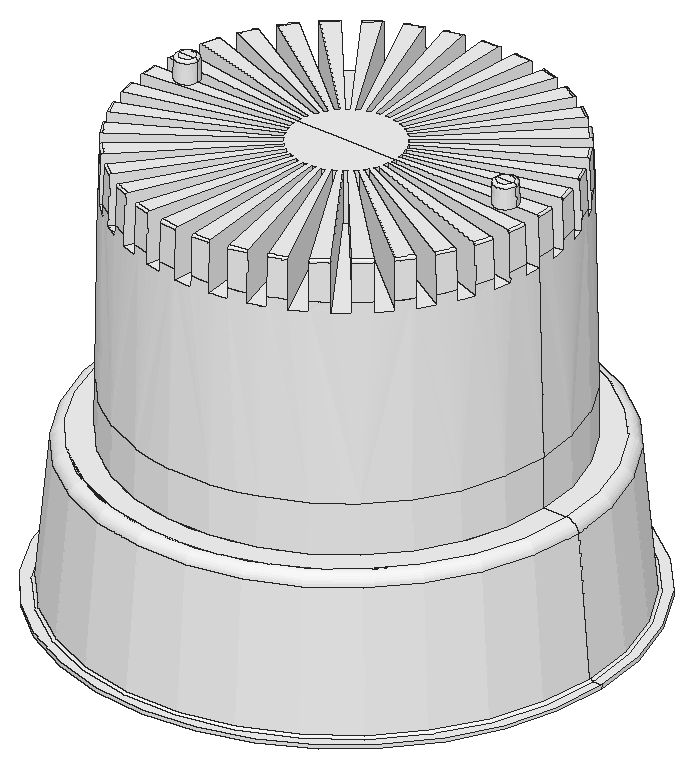
Revit family "RA 11 TL DIXIT LED", category Lighting Fixtures, host Ceiling, Revit 2019
Family settings
  Host = Ceiling
  Round Connector Dimension = Use Diameter
  Part Type = Normal
  OmniClass Number = 23.80.70.11
  OmniClass Title = Luminaries for Internal Lighting
  Always vertical = No
  Cut with Voids When Loaded = No
  Light Source = Yes
  Shared = No
  Room Calculation Point = No
Parameters (values of type "RA 11 TL DIXIT LED 3100lm 26W 3000K CRI85 70° Refl-WHITE-regolabile")
  Wattage = 20.8695 W
  built-in parameter 1150110 = 1 (stored number, unit not read)
  URL = "https://www.aria.lighting/prodotti/interni/incassi/ra-11-tl-dixit-led"
  Type Image = RA11TL_DIXIT_LED_TAB-Sito-Ivela.jpg
  Type Comments = "Ceiling recessed light"
  Tilt Angle = 90.00°
  Photometric Web File = "255-2 _ 256-2 _ RA 11 DIXIT LED 26W 3100 lm 3000K 70°.IES"
  built-in parameter 1150142 = "IESNA:LM-63-2002\r\n[TEST] Citizen CLL042 _ 69°/07-11-2013 / Luca\r\n[TESTLAB] ies2eulumdat.appspot.com\r\n[ISSUEDATE] 2021-07-24T14:46:30.789\r\n[MANUFAC] IVELA SpA\r\n[LUMCAT] 255-2\r\n[LUMINAIRE] RA 11 D.L.26W 3100lm 3000K 70°\r\n[LAMPCAT] LED RA11SOFT 26W3K\r\n[LAMP] LED RA11SOFT 26W3K\r\nTILT=NONE\r\n1\t2759\t1\t37\t1\t1\t2\t-0.079\t-0.079\t0.003\r\n1.0\t1.0\t26.00\r\n0\t 5\t 10\t 15\t 20\t 25\t 30\t 35\t 40\t 45\r\n50\t 55\t 60\t 65\t 70\t 75\t 80\t 85\t 90\t 95\r\n100\t 105\t 110\t 115\t 120\t 125\t 130\t 135\t 140\t 145\r\n150\t 155\t 160\t 165\t 170\t 175\t 180\r\n0\r\n2030.2412\t1999.4943\t1905.7112\t1764.5289\t1624.9245\t1492.9698\t1324.0122\t983.3907\t619.0102\t357.0076\r\n289.663\t235.4655\t185.8304\t142.0516\t103.0725\t70.2378\t42.1957\t19.0668\t1.1894\t0.5989\r\n0.7647\t1.0022\t1.3521\t1.8306\t2.4079\t3.0683\t3.809\t4.6357\t5.5032\t6.3932\r\n7.2441\t7.925\t8.3743\t8.7568\t9.2189\t9.6271\t9.8611"
  Model = "257-200BN-21"
  Manufacturer = "ARIA"
  Larghezza = 126 mm
  Lamp = "LED 3100lm 26W 3000K CRI85"
  built-in parameter 1114217 = 1 (stored number, unit not read)
  built-in parameter 1150109 = 1 (stored number, unit not read)
  Wattage Comments = "26"
  built-in parameter 1150134 = (empty or 0)
  built-in parameter 1150113 = 1 (stored number, unit not read)
  Lumens = 3100 lm
  built-in parameter 1150115 = 1 (stored number, unit not read)
  built-in parameter 1150105 = 17078.2 (stored number, unit not read)
  built-in parameter 1150137 = (empty or 0)
  built-in parameter 1150139 = (empty or 0)
  built-in parameter 1150112 = 1 (stored number, unit not read)
  built-in parameter 1150114 = 1 (stored number, unit not read)
  built-in parameter 1150132 = 2
  built-in parameter 1150102 = (empty or 0)
  built-in parameter 1150138 = (empty or 0)
  built-in parameter 1150107 = 3000 (stored number, unit not read)
  built-in parameter 1150106 = 170.78 (stored number, unit not read)
  Glass material = Glass
  built-in parameter 1150104 = 13.8 (stored number, unit not read)
  Effective Intensity (lm) = 2759
  Dimming Lamp Color Temperature Shift = <None>
  Description = "La serie di iincassi trimless RA 11 TL Dixit LED è stata progettata per soddisfare le più diverse esigenze illuminotecniche, in particolare per l’applicazione in centri commerciali, negozi e uffici.\r\nPrevedono un innovativo sistema di dissipazione termica passiva e ottiche professionali in termoplastico metallizzato a specchio, che offrono un’elevata qualità della luce e un eccellente mantenimento dell’intensità luminosa nel tempo.\r\nL’elevato rendimento luminoso di RA 11 TL Dixit LED si coniuga con contenuti valori di luminanza e bassi livelli di abbagliamento, consentendo un ottimo comfort visivo.\r\nDriver da ordinare separatamente; la potenza dell'apparecchio varia a seconda del driver scelto."
  Corrente driver (mA) = "700mA regolabile sul taglio di fase"
  Color Filter = 16777215
  Codice = "257-200BN-21"
  CRI L'indice di Resa Cromatica = "85"
  Body material = White Powder Coated Aluminium
  Beam angle (°) = "70° Refl."
  built-in parameter 1114218 = 1 (stored number, unit not read)
  built-in parameter 1150133 = 10 (stored number, unit not read)
Reference planes
  plane 1 "Light Source Axis (F/B)": y = 0
  plane 2: z = 0
  plane 3 "Light Source Axis (L/R)": x = 0
  plane 4 "Ceiling": z = 4000
  plane 5 "Light Source Elevation": z = 4000
  plane 6: x = -63
  plane 7: x = 63
  plane 8: z = 4100
Forms (mm)
  Revolve 1, solid, material "White Powder Coated Aluminium" <- "Body material"
    sketch origin (0, 0, 0) x (1, 0, 0) y (0, 0, 1)
      loop
        line (-58.988, 4000) -> (-63, 4000) -> (-63, 3999.2) -> (-58.988, 3999.2) -> (-58.988, 4000)
      axis (0, 4000) -> (0, 3999)
    angle from 0 to 360
  Extrusion 2, solid, material "Glass" <- "Glass material"
    sketch origin (0, 0, 4000) x (0, 1, 0) y (-1, 0, 0)
      loop
        circle (0, 0) r 58.988
    from 0 to -0.8
  Revolve 3, solid, material "White Powder Coated Aluminium" <- "Body material"
    sketch origin (0, 0, 0) x (1, 0, 0) y (0, 0, 1)
      loop
        line (-48.538, 4045.077) -> (-48.692, 4034) -> (-54.347, 4034)
        arc (-54.347, 4034) -> (-56.251, 4033.263) -> (-57.163, 4031.436) r 2.829
        line (-57.163, 4031.436) -> (-60.077, 4000.462)
        arc (-60.077, 4000.462) -> (-60.373, 4000.139) -> (-60.788, 4000) r 0.877
        line (-60.788, 4000) -> (-36.538, 4000) -> (-36.538, 4083.716) -> (0, 4083.716) -> (0, 4098.154) -> (-46.942, 4098.154)
        arc (-46.942, 4098.154) -> (-47.305, 4098.007) -> (-47.463, 4097.648) r 0.521
        line (-47.463, 4097.648) -> (-47.727, 4089.075) -> (-48.538, 4045.077)
      axis (0, 4098.154) -> (0, 4000)
    angle from 0 to 360
  Extrusion 4, void
    sketch origin (0, 0, 4000) x (0, 1, 0) y (1, 0, 0)
      loop
        line (5.981, 68.358) -> (1.054, 12.047)
        arc (1.054, 12.047) -> (1.578, 11.99) -> (2.1, 11.909) r 12.093
        line (2.1, 11.909) -> (11.916, 67.577)
        arc (11.916, 67.577) -> (8.957, 68.033) -> (5.981, 68.358) r 68.62
      loop
        arc (0, 68.62) -> (-2.993, 68.554) -> (-5.981, 68.358) r 68.62
        line (-5.981, 68.358) -> (-1.054, 12.047)
        arc (-1.054, 12.047) -> (-0.527, 12.082) -> (0, 12.093) r 12.093
        line (0, 12.093) -> (0, 68.62)
      loop
        line (-2.1, 11.909) -> (-11.916, 67.577)
        arc (-11.916, 67.577) -> (-14.852, 66.993) -> (-17.76, 66.281) r 68.62
        line (-17.76, 66.281) -> (-3.13, 11.681)
        arc (-3.13, 11.681) -> (-2.617, 11.806) -> (-2.1, 11.909) r 12.093
      loop
        line (-4.136, 11.364) -> (-23.469, 64.481)
        arc (-23.469, 64.481) -> (-26.26, 63.396) -> (-29, 62.19) r 68.62
        line (-29, 62.19) -> (-5.111, 10.96)
        arc (-5.111, 10.96) -> (-4.628, 11.172) -> (-4.136, 11.364) r 12.093
      loop
        line (-6.047, 10.473) -> (-34.31, 59.426)
        arc (-34.31, 59.426) -> (-36.869, 57.873) -> (-39.359, 56.21) r 68.62
        line (-39.359, 56.21) -> (-6.936, 9.906)
        arc (-6.936, 9.906) -> (-6.498, 10.199) -> (-6.047, 10.473) r 12.093
      loop
        line (-7.773, 9.264) -> (-44.108, 52.566)
        arc (-44.108, 52.566) -> (-46.359, 50.592) -> (-48.521, 48.521) r 68.62
        line (-48.521, 48.521) -> (-8.551, 8.551)
        arc (-8.551, 8.551) -> (-8.17, 8.916) -> (-7.773, 9.264) r 12.093
      loop
        arc (-9.906, 6.936) -> (-9.594, 7.362) -> (-9.264, 7.773) r 12.093
        line (-9.264, 7.773) -> (-52.566, 44.108)
        arc (-52.566, 44.108) -> (-54.44, 41.773) -> (-56.21, 39.359) r 68.62
        line (-56.21, 39.359) -> (-9.906, 6.936)
      loop
        line (-11.364, 4.136) -> (-64.481, 23.469)
        arc (-64.481, 23.469) -> (-65.444, 20.634) -> (-66.281, 17.76) r 68.62
        line (-66.281, 17.76) -> (-11.681, 3.13)
        arc (-11.681, 3.13) -> (-11.533, 3.636) -> (-11.364, 4.136) r 12.093
      loop
        line (-12.093, 0) -> (-68.62, 0)
        arc (-68.62, 0) -> (-68.554, -2.993) -> (-68.358, -5.981) r 68.62
        line (-68.358, -5.981) -> (-12.047, -1.054)
        arc (-12.047, -1.054) -> (-12.082, -0.527) -> (-12.093, 0) r 12.093
      loop
        line (-11.909, 2.1) -> (-67.577, 11.916)
        arc (-67.577, 11.916) -> (-68.033, 8.957) -> (-68.358, 5.981) r 68.62
        line (-68.358, 5.981) -> (-12.047, 1.054)
        arc (-12.047, 1.054) -> (-11.99, 1.578) -> (-11.909, 2.1) r 12.093
      loop
        line (-10.473, 6.047) -> (-59.426, 34.31)
        arc (-59.426, 34.31) -> (-60.866, 31.685) -> (-62.19, 29) r 68.62
        line (-62.19, 29) -> (-10.96, 5.111)
        arc (-10.96, 5.111) -> (-10.727, 5.584) -> (-10.473, 6.047) r 12.093
      loop
        arc (-1.054, -12.047) -> (-1.578, -11.99) -> (-2.1, -11.909) r 12.093
        line (-2.1, -11.909) -> (-11.916, -67.577)
        arc (-11.916, -67.577) -> (-8.957, -68.033) -> (-5.981, -68.358) r 68.62
        line (-5.981, -68.358) -> (-1.054, -12.047)
      loop
        arc (-3.13, -11.681) -> (-3.636, -11.533) -> (-4.136, -11.364) r 12.093
        line (-4.136, -11.364) -> (-23.469, -64.481)
        arc (-23.469, -64.481) -> (-20.634, -65.444) -> (-17.76, -66.281) r 68.62
        line (-17.76, -66.281) -> (-3.13, -11.681)
      loop
        arc (-5.111, -10.96) -> (-5.584, -10.727) -> (-6.047, -10.473) r 12.093
        line (-6.047, -10.473) -> (-34.31, -59.426)
        arc (-34.31, -59.426) -> (-31.685, -60.866) -> (-29, -62.19) r 68.62
        line (-29, -62.19) -> (-5.111, -10.96)
      loop
        line (-7.773, -9.264) -> (-44.108, -52.566)
        arc (-44.108, -52.566) -> (-41.773, -54.44) -> (-39.359, -56.21) r 68.62
        line (-39.359, -56.21) -> (-6.936, -9.906)
        arc (-6.936, -9.906) -> (-7.362, -9.594) -> (-7.773, -9.264) r 12.093
      loop
        arc (-9.906, -6.936) -> (-10.199, -6.498) -> (-10.473, -6.047) r 12.093
        line (-10.473, -6.047) -> (-59.426, -34.31)
        arc (-59.426, -34.31) -> (-57.873, -36.869) -> (-56.21, -39.359) r 68.62
        line (-56.21, -39.359) -> (-9.906, -6.936)
      loop
        line (-11.364, -4.136) -> (-64.481, -23.469)
        arc (-64.481, -23.469) -> (-63.396, -26.26) -> (-62.19, -29) r 68.62
        line (-62.19, -29) -> (-10.96, -5.111)
        arc (-10.96, -5.111) -> (-11.172, -4.628) -> (-11.364, -4.136) r 12.093
      loop
        line (-11.909, -2.1) -> (-67.577, -11.916)
        arc (-67.577, -11.916) -> (-66.993, -14.852) -> (-66.281, -17.76) r 68.62
        line (-66.281, -17.76) -> (-11.681, -3.13)
        arc (-11.681, -3.13) -> (-11.806, -2.617) -> (-11.909, -2.1) r 12.093
      loop
        arc (-8.551, -8.551) -> (-8.916, -8.17) -> (-9.264, -7.773) r 12.093
        line (-9.264, -7.773) -> (-52.566, -44.108)
        arc (-52.566, -44.108) -> (-50.592, -46.359) -> (-48.521, -48.521) r 68.62
        line (-48.521, -48.521) -> (-8.551, -8.551)
      loop
        arc (3.13, 11.681) -> (3.636, 11.533) -> (4.136, 11.364) r 12.093
        line (4.136, 11.364) -> (23.469, 64.481)
        arc (23.469, 64.481) -> (20.634, 65.444) -> (17.76, 66.281) r 68.62
        line (17.76, 66.281) -> (3.13, 11.681)
      loop
        arc (5.111, 10.96) -> (5.584, 10.727) -> (6.047, 10.473) r 12.093
        line (6.047, 10.473) -> (34.31, 59.426)
        arc (34.31, 59.426) -> (31.685, 60.866) -> (29, 62.19) r 68.62
        line (29, 62.19) -> (5.111, 10.96)
      loop
        line (7.773, 9.264) -> (44.108, 52.566)
        arc (44.108, 52.566) -> (41.773, 54.44) -> (39.359, 56.21) r 68.62
        line (39.359, 56.21) -> (6.936, 9.906)
        arc (6.936, 9.906) -> (7.362, 9.594) -> (7.773, 9.264) r 12.093
      loop
        arc (9.906, 6.936) -> (10.199, 6.498) -> (10.473, 6.047) r 12.093
        line (10.473, 6.047) -> (59.426, 34.31)
        arc (59.426, 34.31) -> (57.873, 36.869) -> (56.21, 39.359) r 68.62
        line (56.21, 39.359) -> (9.906, 6.936)
      loop
        line (11.364, 4.136) -> (64.481, 23.469)
        arc (64.481, 23.469) -> (63.396, 26.26) -> (62.19, 29) r 68.62
        line (62.19, 29) -> (10.96, 5.111)
        arc (10.96, 5.111) -> (11.172, 4.628) -> (11.364, 4.136) r 12.093
      loop
        line (12.093, 0) -> (68.62, 0)
        arc (68.62, 0) -> (68.554, 2.993) -> (68.358, 5.981) r 68.62
        line (68.358, 5.981) -> (12.047, 1.054)
        arc (12.047, 1.054) -> (12.082, 0.527) -> (12.093, 0) r 12.093
      loop
        line (11.909, 2.1) -> (67.577, 11.916)
        arc (67.577, 11.916) -> (66.993, 14.852) -> (66.281, 17.76) r 68.62
        line (66.281, 17.76) -> (11.681, 3.13)
        arc (11.681, 3.13) -> (11.806, 2.617) -> (11.909, 2.1) r 12.093
      loop
        arc (8.551, 8.551) -> (8.916, 8.17) -> (9.264, 7.773) r 12.093
        line (9.264, 7.773) -> (52.566, 44.108)
        arc (52.566, 44.108) -> (50.592, 46.359) -> (48.521, 48.521) r 68.62
        line (48.521, 48.521) -> (8.551, 8.551)
      loop
        arc (1.054, -12.047) -> (0.527, -12.082) -> (0, -12.093) r 12.093
        line (0, -12.093) -> (0, -68.62)
        arc (0, -68.62) -> (2.993, -68.554) -> (5.981, -68.358) r 68.62
        line (5.981, -68.358) -> (1.054, -12.047)
      loop
        line (2.1, -11.909) -> (11.916, -67.577)
        arc (11.916, -67.577) -> (14.852, -66.993) -> (17.76, -66.281) r 68.62
        line (17.76, -66.281) -> (3.13, -11.681)
        arc (3.13, -11.681) -> (2.617, -11.806) -> (2.1, -11.909) r 12.093
      loop
        line (4.136, -11.364) -> (23.469, -64.481)
        arc (23.469, -64.481) -> (26.26, -63.396) -> (29, -62.19) r 68.62
        line (29, -62.19) -> (5.111, -10.96)
        arc (5.111, -10.96) -> (4.628, -11.172) -> (4.136, -11.364) r 12.093
      loop
        line (6.047, -10.473) -> (34.31, -59.426)
        arc (34.31, -59.426) -> (36.869, -57.873) -> (39.359, -56.21) r 68.62
        line (39.359, -56.21) -> (6.936, -9.906)
        arc (6.936, -9.906) -> (6.498, -10.199) -> (6.047, -10.473) r 12.093
      loop
        line (7.773, -9.264) -> (44.108, -52.566)
        arc (44.108, -52.566) -> (46.359, -50.592) -> (48.521, -48.521) r 68.62
        line (48.521, -48.521) -> (8.551, -8.551)
        arc (8.551, -8.551) -> (8.17, -8.916) -> (7.773, -9.264) r 12.093
      loop
        arc (9.906, -6.936) -> (9.594, -7.362) -> (9.264, -7.773) r 12.093
        line (9.264, -7.773) -> (52.566, -44.108)
        arc (52.566, -44.108) -> (54.44, -41.773) -> (56.21, -39.359) r 68.62
        line (56.21, -39.359) -> (9.906, -6.936)
      loop
        line (11.364, -4.136) -> (64.481, -23.469)
        arc (64.481, -23.469) -> (65.444, -20.634) -> (66.281, -17.76) r 68.62
        line (66.281, -17.76) -> (11.681, -3.13)
        arc (11.681, -3.13) -> (11.533, -3.636) -> (11.364, -4.136) r 12.093
      loop
        line (11.909, -2.1) -> (67.577, -11.916)
        arc (67.577, -11.916) -> (68.033, -8.957) -> (68.358, -5.981) r 68.62
        line (68.358, -5.981) -> (12.047, -1.054)
        arc (12.047, -1.054) -> (11.99, -1.578) -> (11.909, -2.1) r 12.093
      loop
        line (10.473, -6.047) -> (59.426, -34.31)
        arc (59.426, -34.31) -> (60.866, -31.685) -> (62.19, -29) r 68.62
        line (62.19, -29) -> (10.96, -5.111)
        arc (10.96, -5.111) -> (10.727, -5.584) -> (10.473, -6.047) r 12.093
    from -127.25 to -86.769
  Revolve 5, solid, material "White Powder Coated Aluminium" <- "Body material"
    sketch origin (-20.473, 0, 30.393) x (1, 0, 0) y (0, 0, 1)
      loop
        arc (-20.657, 4072.834) -> (-21.106, 4072.652) -> (-21.303, 4072.208) r 0.646
        line (-21.303, 4072.208) -> (-21.446, 4067.761) -> (-18.76, 4067.761) -> (-18.76, 4072.834) -> (-20.657, 4072.834)
      axis (-18.76, 4072.834) -> (-18.76, 4067.761)
    angle from 0 to 360
  Revolve 6, solid, material "White Powder Coated Aluminium" <- "Body material"
    sketch origin (57.982, 0, 30.393) x (1, 0, 0) y (0, 0, 1)
      loop
        arc (-20.67, 4072.836) -> (-21.12, 4072.654) -> (-21.316, 4072.21) r 0.646
        line (-21.316, 4072.21) -> (-21.46, 4067.761) -> (-18.76, 4067.761) -> (-18.76, 4072.836) -> (-20.67, 4072.836)
      axis (-18.76, 4072.836) -> (-18.76, 4067.761)
    angle from 0 to 360
Cuts and joins
  Extrusion 4 cuts Revolve 1
  Extrusion 4 cuts Extrusion 2
  Extrusion 4 cuts Revolve 3
Lines and regions (mm)
  Opening 1
    outline origin (0, 0, 4000) x (1, 0, 0) y (0, 1, 0)
      loop
        circle (0, 0) r 61
Dimensions and locks
  equal spacing: host sketch curve, plane 3 "Light Source Axis (L/R)", host sketch curve
  equal spacing: host sketch curve, plane 1 "Light Source Axis (F/B)", host sketch curve
  host sketch curve to host sketch curve = 4000 mm  (x2)
  plane 4 "Ceiling" to host ceiling = 0 mm
  equal spacing: plane 7, plane 3 "Light Source Axis (L/R)", plane 6
  "Larghezza": plane 7 to plane 6
  imposter light to plane 8 = 100 mm
  aligned and locked: plane 3 "Light Source Axis (L/R)" to imposter light
  aligned and locked: plane 1 "Light Source Axis (F/B)" to imposter light
  aligned and locked: plane 5 "Light Source Elevation" to imposter light
  aligned and locked: plane 5 "Light Source Elevation" to plane 4 "Ceiling"
  aligned and locked: Revolve 1 sketch curve to plane 6
Automatic sketch dimensions
  Opening 1 sketch curve to plane 3 "Light Source Axis (L/R)" = 0 mm
  Opening 1 sketch curve to plane 3 "Light Source Axis (L/R)" = 61 mm
  plane 1 "Light Source Axis (F/B)" to Opening 1 sketch curve = 0 mm
  Revolve 1 sketch curve to plane 4 "Ceiling" = 0 mm
  Revolve 1 sketch curve to plane 3 "Light Source Axis (L/R)" = 0 mm
  plane 4 "Ceiling" to Revolve 1 sketch curve = 0.8 mm
  Revolve 1 sketch curve to Revolve 1 sketch curve = 4.012 mm
  Revolve 1 sketch curve to level = 377.986 mm
  plane 8 to Revolve 1 sketch curve = 429.527 mm
  Extrusion 4 sketch curve to Extrusion 4 sketch curve = 0 mm  (x5112)
  Extrusion 4 sketch curve to plane 3 "Light Source Axis (L/R)" = 0 mm
  plane 1 "Light Source Axis (F/B)" to Extrusion 4 sketch curve = 0 mm
  plane 1 "Light Source Axis (F/B)" to Extrusion 4 sketch curve = 1.054 mm  (x2)
  Extrusion 4 sketch curve to Extrusion 4 sketch curve = 1.046 mm  (x4)
  Extrusion 4 sketch curve to Extrusion 4 sketch curve = 1.03 mm  (x4)
  Extrusion 4 sketch curve to Extrusion 4 sketch curve = 1.006 mm  (x4)
  Extrusion 4 sketch curve to Extrusion 4 sketch curve = 0.975 mm  (x4)
  plane 1 "Light Source Axis (F/B)" to Extrusion 4 sketch curve = 5.981 mm  (x2)
  Extrusion 4 sketch curve to Extrusion 4 sketch curve = 0.936 mm  (x4)
  Extrusion 4 sketch curve to Extrusion 4 sketch curve = 0.89 mm  (x5)
  Extrusion 4 sketch curve to Extrusion 4 sketch curve = 0.837 mm  (x5)
  Extrusion 4 sketch curve to Extrusion 4 sketch curve = 0.778 mm  (x6)
  Extrusion 4 sketch curve to Extrusion 4 sketch curve = 0.713 mm  (x6)
  Extrusion 4 sketch curve to Extrusion 4 sketch curve = 0.642 mm  (x6)
  Extrusion 4 sketch curve to Extrusion 4 sketch curve = 0.567 mm  (x6)
  Extrusion 4 sketch curve to plane 3 "Light Source Axis (L/R)" = 6.047 mm
  plane 3 "Light Source Axis (L/R)" to Extrusion 4 sketch curve = 5.111 mm  (x2)
  Extrusion 4 sketch curve to Extrusion 4 sketch curve = 0.487 mm  (x6)
  Extrusion 4 sketch curve to plane 3 "Light Source Axis (L/R)" = 5.111 mm  (x2)
  Extrusion 4 sketch curve to plane 3 "Light Source Axis (L/R)" = 4.136 mm  (x2)
  plane 3 "Light Source Axis (L/R)" to Extrusion 4 sketch curve = 4.136 mm  (x2)
  Extrusion 4 sketch curve to Extrusion 4 sketch curve = 0.404 mm  (x4)
  plane 3 "Light Source Axis (L/R)" to Extrusion 4 sketch curve = 3.13 mm  (x2)
  Extrusion 4 sketch curve to plane 3 "Light Source Axis (L/R)" = 3.13 mm  (x2)
  Extrusion 4 sketch curve to Extrusion 4 sketch curve = 0.317 mm  (x4)
  Extrusion 4 sketch curve to plane 3 "Light Source Axis (L/R)" = 2.1 mm  (x2)
  plane 3 "Light Source Axis (L/R)" to Extrusion 4 sketch curve = 2.1 mm  (x2)
  Extrusion 4 sketch curve to Extrusion 4 sketch curve = 0.228 mm  (x4)
  plane 7 to Extrusion 4 sketch curve = 4.577 mm  (x2)
  Extrusion 4 sketch curve to Extrusion 4 sketch curve = 5.935 mm  (x4)
  Extrusion 4 sketch curve to plane 6 = 4.577 mm  (x2)
  Extrusion 4 sketch curve to plane 3 "Light Source Axis (L/R)" = 1.054 mm  (x2)
  Extrusion 4 sketch curve to Extrusion 4 sketch curve = 0.138 mm  (x4)
  plane 3 "Light Source Axis (L/R)" to Extrusion 4 sketch curve = 1.054 mm  (x2)
  plane 7 to Extrusion 4 sketch curve = 3.281 mm  (x2)
  Extrusion 4 sketch curve to plane 6 = 3.281 mm  (x2)
  Extrusion 4 sketch curve to Extrusion 4 sketch curve = 5.844 mm  (x2)
  Extrusion 4 sketch curve to plane 6 = 1.481 mm  (x2)
  plane 7 to Extrusion 4 sketch curve = 1.481 mm  (x2)
  Extrusion 4 sketch curve to Extrusion 4 sketch curve = 5.709 mm  (x2)
  plane 6 to Extrusion 4 sketch curve = 0.81 mm  (x2)
  Extrusion 4 sketch curve to Extrusion 4 sketch curve = 5.531 mm  (x2)
  Extrusion 4 sketch curve to plane 7 = 0.81 mm  (x2)
  Extrusion 4 sketch curve to plane 7 = 3.574 mm  (x2)
  Extrusion 4 sketch curve to Extrusion 4 sketch curve = 5.31 mm  (x2)
  plane 6 to Extrusion 4 sketch curve = 3.574 mm  (x2)
  plane 6 to Extrusion 4 sketch curve = 6.79 mm  (x2)
  Extrusion 4 sketch curve to Extrusion 4 sketch curve = 5.049 mm  (x2)
  Extrusion 4 sketch curve to plane 7 = 6.79 mm  (x2)
  Extrusion 4 sketch curve to plane 7 = 10.434 mm  (x2)
  Extrusion 4 sketch curve to Extrusion 4 sketch curve = 4.749 mm  (x2)
  plane 6 to Extrusion 4 sketch curve = 10.434 mm  (x2)
  Extrusion 4 sketch curve to plane 7 = 14.479 mm  (x2)
  plane 6 to Extrusion 4 sketch curve = 14.479 mm  (x2)
  Extrusion 4 sketch curve to Extrusion 4 sketch curve = 4.414 mm  (x2)
  plane 6 to Extrusion 4 sketch curve = 18.892 mm  (x2)
  Extrusion 4 sketch curve to plane 7 = 18.892 mm  (x2)
  Extrusion 4 sketch curve to Extrusion 4 sketch curve = 4.044 mm  (x2)
  Extrusion 4 sketch curve to plane 7 = 23.641 mm  (x2)
  plane 6 to Extrusion 4 sketch curve = 23.641 mm  (x2)
  Extrusion 4 sketch curve to Extrusion 4 sketch curve = 3.644 mm  (x2)
  Extrusion 4 sketch curve to plane 7 = 28.69 mm  (x2)
  Extrusion 4 sketch curve to Extrusion 4 sketch curve = 3.216 mm  (x2)
  plane 6 to Extrusion 4 sketch curve = 28.69 mm  (x2)
  Extrusion 4 sketch curve to plane 3 "Light Source Axis (L/R)" = 29 mm  (x2)
  Extrusion 4 sketch curve to Extrusion 4 sketch curve = 2.764 mm  (x2)
  plane 3 "Light Source Axis (L/R)" to Extrusion 4 sketch curve = 29 mm  (x2)
  plane 3 "Light Source Axis (L/R)" to Extrusion 4 sketch curve = 23.469 mm  (x2)
  Extrusion 4 sketch curve to Extrusion 4 sketch curve = 2.291 mm  (x2)
  Extrusion 4 sketch curve to plane 3 "Light Source Axis (L/R)" = 23.469 mm  (x2)
  plane 3 "Light Source Axis (L/R)" to Extrusion 4 sketch curve = 17.76 mm  (x2)
  Extrusion 4 sketch curve to plane 3 "Light Source Axis (L/R)" = 17.76 mm  (x2)
  Extrusion 4 sketch curve to Extrusion 4 sketch curve = 1.8 mm  (x2)
  Extrusion 4 sketch curve to plane 3 "Light Source Axis (L/R)" = 11.916 mm  (x2)
  plane 3 "Light Source Axis (L/R)" to Extrusion 4 sketch curve = 11.916 mm  (x2)
  Extrusion 4 sketch curve to Extrusion 4 sketch curve = 1.296 mm  (x2)
  plane 3 "Light Source Axis (L/R)" to Extrusion 4 sketch curve = 5.981 mm  (x2)
  Extrusion 4 sketch curve to plane 3 "Light Source Axis (L/R)" = 5.981 mm  (x2)
  Extrusion 4 sketch curve to Extrusion 4 sketch curve = 0.781 mm  (x2)
  Extrusion 4 sketch curve to plane 1 "Light Source Axis (F/B)" = 1.054 mm  (x2)
  Extrusion 4 sketch curve to plane 1 "Light Source Axis (F/B)" = 5.981 mm  (x2)
  plane 3 "Light Source Axis (L/R)" to Extrusion 4 sketch curve = 6.047 mm
  plane 7 to Extrusion 4 sketch curve = 5.62 mm
  Extrusion 4 sketch curve to Extrusion 4 sketch curve = 5.157 mm
  Extrusion 4 sketch curve to Extrusion 4 sketch curve = 0.046 mm
  Extrusion 4 sketch curve to plane 6 = 5.358 mm
  Revolve 5 sketch curve to plane 8 = 1.846 mm
  plane 6 to Revolve 5 sketch curve = 21.081 mm
  plane 8 to Revolve 5 sketch curve = 2.601 mm
  Revolve 5 sketch curve to Revolve 5 sketch curve = 0.143 mm
  Revolve 5 sketch curve to Revolve 5 sketch curve = 0.646 mm
  Revolve 5 sketch curve to Revolve 5 sketch curve = 1.897 mm
  Revolve 5 sketch curve to Revolve 5 sketch curve = 0.021 mm
  plane 6 to Revolve 5 sketch curve = 23.767 mm
  Revolve 5 sketch curve to level = 346.531 mm
  Revolve 5 sketch curve to Revolve 5 sketch curve = 400.256 mm
  Revolve 6 sketch curve to plane 8 = 1.846 mm
  Revolve 6 sketch curve to plane 7 = 26.478 mm
  plane 8 to Revolve 6 sketch curve = 2.603 mm
  Revolve 6 sketch curve to Revolve 6 sketch curve = 0.144 mm
  Revolve 6 sketch curve to Revolve 6 sketch curve = 0.646 mm
  Revolve 6 sketch curve to Revolve 6 sketch curve = 1.91 mm
  Revolve 6 sketch curve to Revolve 6 sketch curve = 0.021 mm
  Revolve 6 sketch curve to plane 7 = 23.778 mm
  Revolve 6 sketch curve to level = 346.531 mm
  Revolve 6 sketch curve to Revolve 6 sketch curve = 400.253 mm
  Revolve 3 sketch curve to plane 3 "Light Source Axis (L/R)" = 0 mm  (x2)
  Revolve 3 sketch curve to plane 8 = 1.846 mm
  Revolve 3 sketch curve to plane 8 = 2.352 mm
  Revolve 3 sketch curve to Revolve 3 sketch curve = 0.521 mm
  Revolve 3 sketch curve to Revolve 3 sketch curve = 0.264 mm
  Revolve 3 sketch curve to Revolve 3 sketch curve = 5.655 mm
  Revolve 3 sketch curve to Revolve 3 sketch curve = 2.816 mm
  Revolve 3 sketch curve to plane 4 "Ceiling" = 0.462 mm
  plane 6 to Revolve 3 sketch curve = 2.923 mm
  Revolve 3 sketch curve to Revolve 3 sketch curve = 0.711 mm
  Revolve 3 sketch curve to plane 4 "Ceiling" = 0.875 mm
  Revolve 3 sketch curve to Revolve 3 sketch curve = 0.265 mm
  Revolve 3 sketch curve to Revolve 3 sketch curve = 8.574 mm
  Revolve 3 sketch curve to level = 377.986 mm
  Revolve 3 sketch curve to Revolve 3 sketch curve = 442.311 mm
  plane 6 to Revolve 3 sketch curve = 5.837 mm
  Revolve 3 sketch curve to Revolve 3 sketch curve = 0.154 mm
  Revolve 3 sketch curve to Revolve 3 sketch curve = 11.188 mm
  Revolve 3 sketch curve to Revolve 3 sketch curve = 11.077 mm
  Revolve 3 sketch curve to Revolve 3 sketch curve = 5.359 mm
  Revolve 3 sketch curve to plane 4 "Ceiling" = 0 mm
  plane 6 to Revolve 3 sketch curve = 15.273 mm
  Revolve 3 sketch curve to Revolve 3 sketch curve = 30.296 mm
  radius of Extrusion 2 sketch curve to Revolve 1 = 0 mm
Types (28, lengths in mm): name | Wattage | Photometric Web File | built-in parameter 1150142 | Lamp | Wattage Comments | Lumens | built-in parameter 1150105 | built-in parameter 1150106 | Effective Intensity (lm) | Corrente driver (mA) | Beam angle (°)
  RA 11 TL DIXIT LED 1700lm 12W 3000K CRI85 18° Refl-WHITE-regolabile | 11.4446 W | "255-2 _ 256-2 _ RA 11 DIXIT LED 12W 1700 lm 3000K 17°.IES" | "IESNA:LM-63-2002\r\n[TEST] I-Moon 725-6 39W S/05-12-2012 / Luca\r\n[TESTLAB] ies2eulumdat.appspot.com\r\n[ISSUEDATE] 2021-07-24T14:41:17.808\r\n[MANUFAC] IVELA SpA\r\n[LUMCAT] 255-2\r\n[LUMINAIRE] RA 11 D.L.12W 1700lm 3000K 17°\r\n[LAMPCAT] LED per RA 11 1700\r\n[LAMP] LED per RA 11 1700\r\nTILT=NONE\r\n1\t1513\t1\t37\t1\t1\t2\t-0.079\t-0.079\t0.045\r\n1.0\t1.0\t12.00\r\n0\t 5\t 10\t 15\t 20\t 25\t 30\t 35\t 40\t 45\r\n50\t 55\t 60\t 65\t 70\t 75\t 80\t 85\t 90\t 95\r\n100\t 105\t 110\t 115\t 120\t 125\t 130\t 135\t 140\t 145\r\n150\t 155\t 160\t 165\t 170\t 175\t 180\r\n0\r\n8335.2581\t6591.4813\t3075.9168\t1230.671\t747.0234\t607.2649\t539.2343\t406.7179\t151.4115\t19.8843\r\n7.0589\t1.0306\t0.1911\t0.1371\t0.1028\t0.0823\t0.0689\t0.0592\t0.0529\t0.0549\r\n0.0647\t0.1027\t0.2016\t0.364\t0.5754\t0.8357\t1.2193\t1.9038\t3.0396\t4.4571\r\n5.7035\t6.4225\t6.7734\t7.1427\t7.3896\t6.9347\t6.3511" | "LED 1700lm 12W 3000K CRI85" | "12" | 1700 lm | 135.28 (stored number, unit not read) | 1.3528 (stored number, unit not read) | 1513 | "350mA regolabile sul taglio di fase" | "18° Refl."
  RA 11 TL DIXIT LED 1700lm 12W 3000K CRI85 30° Refl-WHITE-regolabile | 11.4446 W | "255-2 _ 256-2 _ RA 11 DIXIT LED 12W 1700 lm 3000K 30°.IES" | "IESNA:LM-63-2002\r\n[TEST] I-Moon 725-6 39W M/06-12-2012 / Luca\r\n[TESTLAB] ies2eulumdat.appspot.com\r\n[ISSUEDATE] 2021-07-24T14:41:40.778\r\n[MANUFAC] IVELA SpA\r\n[LUMCAT] 255-2\r\n[LUMINAIRE] RA 11 D.L.12W 1700lm 3000K 30°\r\n[LAMPCAT] LED per RA 11 1700\r\n[LAMP] LED per RA 11 1700\r\nTILT=NONE\r\n1\t1513\t1\t37\t1\t1\t2\t-0.079\t-0.079\t0.045\r\n1.0\t1.0\t12.00\r\n0\t 5\t 10\t 15\t 20\t 25\t 30\t 35\t 40\t 45\r\n50\t 55\t 60\t 65\t 70\t 75\t 80\t 85\t 90\t 95\r\n100\t 105\t 110\t 115\t 120\t 125\t 130\t 135\t 140\t 145\r\n150\t 155\t 160\t 165\t 170\t 175\t 180\r\n0\r\n3748.1963\t3411.47\t2591.0936\t1746.9423\t1139.0057\t807.7725\t645.2596\t462.8167\t172.7337\t27.6466\r\n10.324\t1.9267\t0.5981\t0.3981\t0.2637\t0.1751\t0.115\t0.0773\t0.0557\t0.0576\r\n0.0682\t0.1126\t0.2235\t0.4148\t0.6791\t1.0344\t1.5489\t2.2884\t3.2366\t4.3019\r\n5.332\t6.155\t6.6824\t7.0404\t7.2002\t7.1356\t7.1388" | "LED 1700lm 12W 3000K CRI85" | "12" | 1700 lm | 135.28 (stored number, unit not read) | 1.3528 (stored number, unit not read) | 1513 | "350mA regolabile sul taglio di fase" | "30° Refl."
  RA 11 TL DIXIT LED 1700lm 12W 3000K CRI85 55° Refl-WHITE-regolabile | 11.4446 W | "255-2 _ 256-2 _ RA 11 DIXIT LED 12W 1700 lm 3000K 55°.IES" | "IESNA:LM-63-2002\r\n[TEST] I-Moon 725-6 39W W/07-12-2012 / Luca\r\n[TESTLAB] ies2eulumdat.appspot.com\r\n[ISSUEDATE] 2021-07-24T14:42:02.812\r\n[MANUFAC] IVELA SpA\r\n[LUMCAT] 255-2\r\n[LUMINAIRE] RA 11 D.L.12W 1700lm 3000K 55°\r\n[LAMPCAT] LED per RA11 1700 3K\r\n[LAMP] LED per RA11 1700 3K\r\nTILT=NONE\r\n1\t1513\t1\t37\t1\t1\t2\t-0.079\t-0.079\t0.004\r\n1.0\t1.0\t12.00\r\n0\t 5\t 10\t 15\t 20\t 25\t 30\t 35\t 40\t 45\r\n50\t 55\t 60\t 65\t 70\t 75\t 80\t 85\t 90\t 95\r\n100\t 105\t 110\t 115\t 120\t 125\t 130\t 135\t 140\t 145\r\n150\t 155\t 160\t 165\t 170\t 175\t 180\r\n0\r\n1658.3847\t1650.2597\t1623.9802\t1549.5676\t1341.2967\t1039.8315\t804.4576\t567.6856\t242.1406\t66.1444\r\n31.3647\t13.9045\t7.5424\t4.2931\t2.3666\t1.1674\t0.6004\t0.307\t0.0892\t0.0811\r\n0.1036\t0.1681\t0.3127\t0.5558\t0.8938\t1.3345\t1.8943\t2.5641\t3.3035\t4.0853\r\n4.8719\t5.563\t6.0495\t6.3809\t6.642\t6.9089\t7.1072" | "LED 1700lm 12W 3000K CRI85" | "12" | 1700 lm | 135.28 (stored number, unit not read) | 1.3528 (stored number, unit not read) | 1513 | "350mA regolabile sul taglio di fase" | "55° Refl."
  RA 11 TL DIXIT LED 1700lm 12W 3000K CRI85 70° Refl-WHITE-regolabile | 11.4446 W | "255-2 _ 256-2 _ RA 11 DIXIT LED 12W 1700 lm 3000K 70°.IES" | "IESNA:LM-63-2002\r\n[TEST] Citizen CLL042 _ 69°/07-11-2013 / Luca\r\n[TESTLAB] ies2eulumdat.appspot.com\r\n[ISSUEDATE] 2021-07-24T14:42:27.710\r\n[MANUFAC] IVELA SpA\r\n[LUMCAT] 255-2\r\n[LUMINAIRE] RA 11 D.L.12W 1700lm 3000K 70°\r\n[LAMPCAT] LED per RA 11 1700\r\n[LAMP] LED per RA 11 1700\r\nTILT=NONE\r\n1\t1513\t1\t37\t1\t1\t2\t-0.079\t-0.079\t0.045\r\n1.0\t1.0\t12.00\r\n0\t 5\t 10\t 15\t 20\t 25\t 30\t 35\t 40\t 45\r\n50\t 55\t 60\t 65\t 70\t 75\t 80\t 85\t 90\t 95\r\n100\t 105\t 110\t 115\t 120\t 125\t 130\t 135\t 140\t 145\r\n150\t 155\t 160\t 165\t 170\t 175\t 180\r\n0\r\n1113.3581\t1096.4969\t1045.0674\t967.6449\t891.0876\t818.7254\t726.0712\t539.2788\t339.4572\t195.7784\r\n158.8474\t129.1262\t101.907\t77.8993\t56.5237\t38.5175\t23.1396\t10.456\t0.6523\t0.3284\r\n0.4193\t0.5496\t0.7415\t1.0039\t1.3205\t1.6826\t2.0888\t2.5422\t3.0179\t3.5059\r\n3.9726\t4.346\t4.5923\t4.8021\t5.0555\t5.2794\t5.4077" | "LED 1700lm 12W 3000K CRI85" | "12" | 1700 lm | 135.28 (stored number, unit not read) | 1.3528 (stored number, unit not read) | 1513 | "350mA regolabile sul taglio di fase" | "70° Refl."
  RA 11 TL DIXIT LED 1700lm 12W 3000K CRI85 18° Refl-WHITE-DALI | 11.4446 W | "255-2 _ 256-2 _ RA 11 DIXIT LED 12W 1700 lm 3000K 17°.IES" | "IESNA:LM-63-2002\r\n[TEST] I-Moon 725-6 39W S/05-12-2012 / Luca\r\n[TESTLAB] ies2eulumdat.appspot.com\r\n[ISSUEDATE] 2021-07-24T14:41:17.808\r\n[MANUFAC] IVELA SpA\r\n[LUMCAT] 255-2\r\n[LUMINAIRE] RA 11 D.L.12W 1700lm 3000K 17°\r\n[LAMPCAT] LED per RA 11 1700\r\n[LAMP] LED per RA 11 1700\r\nTILT=NONE\r\n1\t1513\t1\t37\t1\t1\t2\t-0.079\t-0.079\t0.045\r\n1.0\t1.0\t12.00\r\n0\t 5\t 10\t 15\t 20\t 25\t 30\t 35\t 40\t 45\r\n50\t 55\t 60\t 65\t 70\t 75\t 80\t 85\t 90\t 95\r\n100\t 105\t 110\t 115\t 120\t 125\t 130\t 135\t 140\t 145\r\n150\t 155\t 160\t 165\t 170\t 175\t 180\r\n0\r\n8335.2581\t6591.4813\t3075.9168\t1230.671\t747.0234\t607.2649\t539.2343\t406.7179\t151.4115\t19.8843\r\n7.0589\t1.0306\t0.1911\t0.1371\t0.1028\t0.0823\t0.0689\t0.0592\t0.0529\t0.0549\r\n0.0647\t0.1027\t0.2016\t0.364\t0.5754\t0.8357\t1.2193\t1.9038\t3.0396\t4.4571\r\n5.7035\t6.4225\t6.7734\t7.1427\t7.3896\t6.9347\t6.3511" | "LED 1700lm 12W 3000K CRI85" | "12" | 1700 lm | 135.28 (stored number, unit not read) | 1.3528 (stored number, unit not read) | 1513 | "350mA dimmerabile DALI" | "18° Refl."
  RA 11 TL DIXIT LED 1700lm 12W 3000K CRI85 30° Refl-WHITE-DALI | 11.4446 W | "255-2 _ 256-2 _ RA 11 DIXIT LED 12W 1700 lm 3000K 30°.IES" | "IESNA:LM-63-2002\r\n[TEST] I-Moon 725-6 39W M/06-12-2012 / Luca\r\n[TESTLAB] ies2eulumdat.appspot.com\r\n[ISSUEDATE] 2021-07-24T14:41:40.778\r\n[MANUFAC] IVELA SpA\r\n[LUMCAT] 255-2\r\n[LUMINAIRE] RA 11 D.L.12W 1700lm 3000K 30°\r\n[LAMPCAT] LED per RA 11 1700\r\n[LAMP] LED per RA 11 1700\r\nTILT=NONE\r\n1\t1513\t1\t37\t1\t1\t2\t-0.079\t-0.079\t0.045\r\n1.0\t1.0\t12.00\r\n0\t 5\t 10\t 15\t 20\t 25\t 30\t 35\t 40\t 45\r\n50\t 55\t 60\t 65\t 70\t 75\t 80\t 85\t 90\t 95\r\n100\t 105\t 110\t 115\t 120\t 125\t 130\t 135\t 140\t 145\r\n150\t 155\t 160\t 165\t 170\t 175\t 180\r\n0\r\n3748.1963\t3411.47\t2591.0936\t1746.9423\t1139.0057\t807.7725\t645.2596\t462.8167\t172.7337\t27.6466\r\n10.324\t1.9267\t0.5981\t0.3981\t0.2637\t0.1751\t0.115\t0.0773\t0.0557\t0.0576\r\n0.0682\t0.1126\t0.2235\t0.4148\t0.6791\t1.0344\t1.5489\t2.2884\t3.2366\t4.3019\r\n5.332\t6.155\t6.6824\t7.0404\t7.2002\t7.1356\t7.1388" | "LED 1700lm 12W 3000K CRI85" | "12" | 1700 lm | 135.28 (stored number, unit not read) | 1.3528 (stored number, unit not read) | 1513 | "350mA dimmerabile DALI" | "30° Refl."
  RA 11 TL DIXIT LED 1700lm 12W 3000K CRI85 55° Refl-WHITE-DALI | 11.4446 W | "255-2 _ 256-2 _ RA 11 DIXIT LED 12W 1700 lm 3000K 55°.IES" | "IESNA:LM-63-2002\r\n[TEST] I-Moon 725-6 39W W/07-12-2012 / Luca\r\n[TESTLAB] ies2eulumdat.appspot.com\r\n[ISSUEDATE] 2021-07-24T14:42:02.812\r\n[MANUFAC] IVELA SpA\r\n[LUMCAT] 255-2\r\n[LUMINAIRE] RA 11 D.L.12W 1700lm 3000K 55°\r\n[LAMPCAT] LED per RA11 1700 3K\r\n[LAMP] LED per RA11 1700 3K\r\nTILT=NONE\r\n1\t1513\t1\t37\t1\t1\t2\t-0.079\t-0.079\t0.004\r\n1.0\t1.0\t12.00\r\n0\t 5\t 10\t 15\t 20\t 25\t 30\t 35\t 40\t 45\r\n50\t 55\t 60\t 65\t 70\t 75\t 80\t 85\t 90\t 95\r\n100\t 105\t 110\t 115\t 120\t 125\t 130\t 135\t 140\t 145\r\n150\t 155\t 160\t 165\t 170\t 175\t 180\r\n0\r\n1658.3847\t1650.2597\t1623.9802\t1549.5676\t1341.2967\t1039.8315\t804.4576\t567.6856\t242.1406\t66.1444\r\n31.3647\t13.9045\t7.5424\t4.2931\t2.3666\t1.1674\t0.6004\t0.307\t0.0892\t0.0811\r\n0.1036\t0.1681\t0.3127\t0.5558\t0.8938\t1.3345\t1.8943\t2.5641\t3.3035\t4.0853\r\n4.8719\t5.563\t6.0495\t6.3809\t6.642\t6.9089\t7.1072" | "LED 1700lm 12W 3000K CRI85" | "12" | 1700 lm | 135.28 (stored number, unit not read) | 1.3528 (stored number, unit not read) | 1513 | "350mA dimmerabile DALI" | "55° Refl."
  RA 11 TL DIXIT LED 1700lm 12W 3000K CRI85 70° Refl-WHITE-DALI | 11.4446 W | "255-2 _ 256-2 _ RA 11 DIXIT LED 12W 1700 lm 3000K 70°.IES" | "IESNA:LM-63-2002\r\n[TEST] Citizen CLL042 _ 69°/07-11-2013 / Luca\r\n[TESTLAB] ies2eulumdat.appspot.com\r\n[ISSUEDATE] 2021-07-24T14:42:27.710\r\n[MANUFAC] IVELA SpA\r\n[LUMCAT] 255-2\r\n[LUMINAIRE] RA 11 D.L.12W 1700lm 3000K 70°\r\n[LAMPCAT] LED per RA 11 1700\r\n[LAMP] LED per RA 11 1700\r\nTILT=NONE\r\n1\t1513\t1\t37\t1\t1\t2\t-0.079\t-0.079\t0.045\r\n1.0\t1.0\t12.00\r\n0\t 5\t 10\t 15\t 20\t 25\t 30\t 35\t 40\t 45\r\n50\t 55\t 60\t 65\t 70\t 75\t 80\t 85\t 90\t 95\r\n100\t 105\t 110\t 115\t 120\t 125\t 130\t 135\t 140\t 145\r\n150\t 155\t 160\t 165\t 170\t 175\t 180\r\n0\r\n1113.3581\t1096.4969\t1045.0674\t967.6449\t891.0876\t818.7254\t726.0712\t539.2788\t339.4572\t195.7784\r\n158.8474\t129.1262\t101.907\t77.8993\t56.5237\t38.5175\t23.1396\t10.456\t0.6523\t0.3284\r\n0.4193\t0.5496\t0.7415\t1.0039\t1.3205\t1.6826\t2.0888\t2.5422\t3.0179\t3.5059\r\n3.9726\t4.346\t4.5923\t4.8021\t5.0555\t5.2794\t5.4077" | "LED 1700lm 12W 3000K CRI85" | "12" | 1700 lm | 135.28 (stored number, unit not read) | 1.3528 (stored number, unit not read) | 1513 | "350mA dimmerabile DALI" | "70° Refl."
  RA 11 TL DIXIT LED 2350lm 18W 3000K CRI85 18° Refl-WHITE | 15.8204 W | "255-2 _ 256-2 _ RA 11 DIXIT LED 18W 2350 lm 3000K 17°.IES" | "IESNA:LM-63-2002\r\n[TEST] I-Moon725-639WS/05-12-2012 / Luca\r\n[TESTLAB] ies2eulumdat.appspot.com\r\n[ISSUEDATE] 2021-07-24T14:42:53.191\r\n[MANUFAC] IVELA SpA\r\n[LUMCAT] 255-2\r\n[LUMINAIRE] RA 11 D.L.18W 2350lm 3000K 17°\r\n[LAMPCAT] LED per RA11 2350 3K\r\n[LAMP] LED per RA11 2350 3K\r\nTILT=NONE\r\n1\t2092\t1\t37\t1\t1\t2\t-0.079\t-0.079\t0.045\r\n1.0\t1.0\t18.00\r\n0\t 5\t 10\t 15\t 20\t 25\t 30\t 35\t 40\t 45\r\n50\t 55\t 60\t 65\t 70\t 75\t 80\t 85\t 90\t 95\r\n100\t 105\t 110\t 115\t 120\t 125\t 130\t 135\t 140\t 145\r\n150\t 155\t 160\t 165\t 170\t 175\t 180\r\n0\r\n11525.0231\t9113.9318\t4253.0191\t1701.6284\t1032.8968\t839.6551\t745.5904\t562.3621\t209.3542\t27.4936\r\n9.7602\t1.425\t0.2642\t0.1895\t0.1421\t0.1138\t0.0952\t0.0819\t0.0732\t0.0759\r\n0.0895\t0.1419\t0.2787\t0.5033\t0.7956\t1.1555\t1.6859\t2.6323\t4.2028\t6.1628\r\n7.8861\t8.8803\t9.3655\t9.8761\t10.2174\t9.5885\t8.7815" | "LED 2350lm 18W 3000K CRI85" | "18" | 2350 lm | 12946.4 (stored number, unit not read) | 129.46 (stored number, unit not read) | 2092 | "500mA" | "18° Refl."
  RA 11 TL DIXIT LED 2350lm 18W 3000K CRI85 30° Refl-WHITE | 15.8204 W | "255-2 _ 256-2 _ RA 11 DIXIT LED 18W 2350 lm 3000K 30°.IES" | "IESNA:LM-63-2002\r\n[TEST] I-Moon 725-6 39W M/06-12-2012 / Luca\r\n[TESTLAB] ies2eulumdat.appspot.com\r\n[ISSUEDATE] 2021-07-24T14:43:25.864\r\n[MANUFAC] IVELA SpA\r\n[LUMCAT] 255-2\r\n[LUMINAIRE] RA 11 D.L.18W 2350lm 3000K 30°\r\n[LAMPCAT] LED per RA11 2350 3K\r\n[LAMP] LED per RA11 2350 3K\r\nTILT=NONE\r\n1\t2092\t1\t37\t1\t1\t2\t-0.079\t-0.079\t0.045\r\n1.0\t1.0\t18.00\r\n0\t 5\t 10\t 15\t 20\t 25\t 30\t 35\t 40\t 45\r\n50\t 55\t 60\t 65\t 70\t 75\t 80\t 85\t 90\t 95\r\n100\t 105\t 110\t 115\t 120\t 125\t 130\t 135\t 140\t 145\r\n150\t 155\t 160\t 165\t 170\t 175\t 180\r\n0\r\n5182.5689\t4716.983\t3582.6621\t2415.4681\t1574.8843\t1116.8936\t892.1898\t639.929\t238.836\t38.2265\r\n14.2749\t2.664\t0.827\t0.5504\t0.3646\t0.2421\t0.1591\t0.1069\t0.077\t0.0797\r\n0.0943\t0.1557\t0.3091\t0.5735\t0.939\t1.4303\t2.1416\t3.1641\t4.4752\t5.9482\r\n7.3724\t8.5104\t9.2396\t9.7347\t9.9556\t9.8662\t9.8707" | "LED 2350lm 18W 3000K CRI85" | "18" | 2350 lm | 12946.4 (stored number, unit not read) | 129.46 (stored number, unit not read) | 2092 | "500mA" | "30° Refl."
  RA 11 TL DIXIT LED 2350lm 18W 3000K CRI85 55° Refl-WHITE | 15.8204 W | "255-2 _ 256-2 _ RA 11 DIXIT LED 18W 2350 lm 3000K 55°.IES" | "IESNA:LM-63-2002\r\n[TEST] I-Moon 725-6 39W W/07-12-2012 / Luca\r\n[TESTLAB] ies2eulumdat.appspot.com\r\n[ISSUEDATE] 2021-07-24T14:43:56.792\r\n[MANUFAC] IVELA SpA\r\n[LUMCAT] 255-2 / 256-2\r\n[LUMINAIRE] RA 11 DIXIT LED 18W 2350LM 3000K\r\n[LAMPCAT] LED per RA11 2350 3K\r\n[LAMP] LED per RA11 2350 3K\r\nTILT=NONE\r\n1\t2092\t1\t37\t1\t1\t2\t-0.079\t-0.079\t0.045\r\n1.0\t1.0\t18.00\r\n0\t 5\t 10\t 15\t 20\t 25\t 30\t 35\t 40\t 45\r\n50\t 55\t 60\t 65\t 70\t 75\t 80\t 85\t 90\t 95\r\n100\t 105\t 110\t 115\t 120\t 125\t 130\t 135\t 140\t 145\r\n150\t 155\t 160\t 165\t 170\t 175\t 180\r\n0\r\n2293.021\t2281.7867\t2245.4504\t2142.5614\t1854.5886\t1437.7578\t1112.3102\t784.9294\t334.8038\t91.4568\r\n43.3674\t19.2255\t10.4287\t5.936\t3.2723\t1.6142\t0.8301\t0.4246\t0.1233\t0.1122\r\n0.1432\t0.2324\t0.4324\t0.7685\t1.2358\t1.8452\t2.6192\t3.5453\t4.5676\t5.6486\r\n6.7362\t7.6919\t8.3645\t8.8228\t9.1838\t9.5528\t9.8271" | "LED 2350lm 18W 3000K CRI85" | "18" | 2350 lm | 12946.4 (stored number, unit not read) | 129.46 (stored number, unit not read) | 2092 | "500mA" | "55° Refl."
  RA 11 TL DIXIT LED 2350lm 18W 3000K CRI85 70° Refl-WHITE | 15.8204 W | "255-2 _ 256-2 _ RA 11 DIXIT LED 18W 2350 lm 3000K 70°.IES" | "IESNA:LM-63-2002\r\n[TEST] Citizen CLL042 _ 69°/07-11-2013 / Luca\r\n[TESTLAB] ies2eulumdat.appspot.com\r\n[ISSUEDATE] 2021-07-24T14:44:33.241\r\n[MANUFAC] IVELA SpA\r\n[LUMCAT] 255-2\r\n[LUMINAIRE] RA 11 D.L.18W 2350lm 3000K 70°\r\n[LAMPCAT] LED per RA11 2350 3K\r\n[LAMP] LED per RA11 2350 3K\r\nTILT=NONE\r\n1\t2092\t1\t37\t1\t1\t2\t-0.079\t-0.079\t0.045\r\n1.0\t1.0\t18.00\r\n0\t 5\t 10\t 15\t 20\t 25\t 30\t 35\t 40\t 45\r\n50\t 55\t 60\t 65\t 70\t 75\t 80\t 85\t 90\t 95\r\n100\t 105\t 110\t 115\t 120\t 125\t 130\t 135\t 140\t 145\r\n150\t 155\t 160\t 165\t 170\t 175\t 180\r\n0\r\n1539.4218\t1516.108\t1444.9974\t1337.9465\t1232.0921\t1132.038\t1003.9266\t745.6518\t469.3619\t270.6995\r\n219.6357\t178.5407\t140.9051\t107.71\t78.1543\t53.2575\t31.9947\t14.4573\t0.9019\t0.4541\r\n0.5798\t0.7599\t1.0252\t1.388\t1.8258\t2.3266\t2.8882\t3.515\t4.1728\t4.8476\r\n5.4928\t6.0091\t6.3497\t6.6398\t6.9902\t7.2997\t7.4771" | "LED 2350lm 18W 3000K CRI85" | "18" | 2350 lm | 12946.4 (stored number, unit not read) | 129.46 (stored number, unit not read) | 2092 | "500mA" | "70° Refl."
